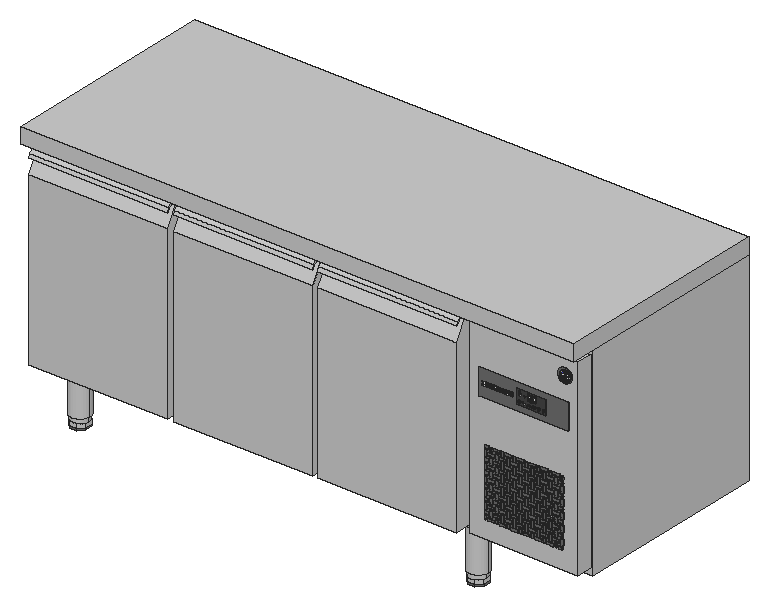
Revit family "QF_HOSHIZAKI_899020840", category Specialty Equipment, Revit 2016 (continued)
Definition of nested family "QF_HOSHIZAKI_ADVANCE_REF-COUNTER-DOORS-DRAWERS"
  Definition of nested family "Left_Door"
    Automatic sketch dimensions
      Extrusion 2 sketch curve to Extrusion 2 sketch curve = 18.812 mm
      Extrusion 2 sketch curve to plane 7 "Front door" = 11 mm
      Extrusion 2 sketch curve to plane 10 = 66.98 mm
      Extrusion 2 sketch curve to plane 10 = 20.008 mm
      Extrusion 2 sketch curve to Extrusion 2 sketch curve = 0.877 mm  (x2)
  Definition of nested family "3_Drawers_1-3"
    Parameters (values of type "3 Drawers 1-3")
      Worktop thickness [instance] = 50 mm
      URL = "www.specifiglobal.com"
      Section size [instance] = 446 mm
      Model = ""
      Manufacturer = "DEMO CONSULTANT"
      Legs height [instance] = 150 mm
      Height Actual [instance] = 850 mm
      Description = ""
      Depth Actual [instance] = 700 mm
      Assembly Code = "E1090320"
      3 Drawers = yes
    Reference planes
      plane 1 "Back": y = 0
      plane 2: z = 0
      plane 3 "Left": x = 0
      plane 4 "Right": x = 446
      plane 5 "Front": y = -700
      plane 6 "Top": z = 850
      plane 7 "Front door": y = -633
      plane 8 "Bottom shelf": z = 150
      plane 9 "Worktop bottom": z = 800
      plane 10: z = 784
      plane 11: z = 170
      plane 12: z = 584
      plane 13: z = 577
      plane 14: z = 370
      plane 15: z = 377
      plane 16: z = 580.5
      plane 17: z = 373.5
      plane 18: z = 166.5
      plane 19: z = 787.5
    Forms (mm)
      Extrusion 1, solid, visible <- "3 Drawers"
        sketch origin (860, -633, 4000) x (-1, 0, 0) y (0, 0, 1)
          loop
            line (852, -3224) -> (422, -3224) -> (422, -3408) -> (852, -3408) -> (852, -3224)
          loop
            line (823, -3253) -> (451, -3253) -> (451, -3379) -> (823, -3379) -> (823, -3253)
        from 0 to -11
      Extrusion 2, solid, visible <- "3 Drawers"
        sketch origin (0, 0, 0) x (0, 1, 0) y (0, 0, 1)
          loop
            line (-644, 784) -> (-675.296, 784)
            arc (-675.296, 784) -> (-683.245, 781.721) -> (-688.778, 775.576) r 15
            line (-688.778, 775.576) -> (-694, 764.869) -> (-692.202, 763.992) -> (-686.981, 774.699)
            arc (-686.981, 774.699) -> (-682.185, 780.025) -> (-675.296, 782) r 13
            line (-675.296, 782) -> (-656.484, 782) -> (-694, 717.02) -> (-694, 584) -> (-644, 584) -> (-644, 784)
        from 0 to 446
      Extrusion 3, solid, visible <- "3 Drawers"
        sketch origin (0, 0, -237.3) x (0, 1, 0) y (0, 0, 1)
          loop
            line (-644, 814.3) -> (-675.296, 814.3)
            arc (-675.296, 814.3) -> (-683.245, 812.021) -> (-688.778, 805.876) r 15
            line (-688.778, 805.876) -> (-694, 795.169) -> (-692.202, 794.292) -> (-686.981, 804.999)
            arc (-686.981, 804.999) -> (-682.185, 810.325) -> (-675.296, 812.3) r 13
            line (-675.296, 812.3) -> (-656.484, 812.3) -> (-694, 747.32) -> (-694, 614.3) -> (-644, 614.3) -> (-644, 814.3)
        from 0 to 446
      Extrusion 4, solid, visible <- "3 Drawers"
        sketch origin (0, 0, -463.333) x (0, 1, 0) y (0, 0, 1)
          loop
            line (-644, 833.333) -> (-675.296, 833.333)
            arc (-675.296, 833.333) -> (-683.245, 831.054) -> (-688.778, 824.909) r 15
            line (-688.778, 824.909) -> (-694, 814.202) -> (-692.202, 813.326) -> (-686.981, 824.032)
            arc (-686.981, 824.032) -> (-682.185, 829.358) -> (-675.296, 831.333) r 13
            line (-675.296, 831.333) -> (-656.484, 831.333) -> (-694, 766.353) -> (-694, 633.333) -> (-644, 633.333) -> (-644, 833.333)
        from 0 to 446
      Extrusion 5, solid, visible <- "3 Drawers"
        sketch origin (860, -633, 3773.7) x (-1, 0, 0) y (0, 0, 1)
          loop
            line (852, -3204.7) -> (422, -3204.7) -> (422, -3388.7) -> (852, -3388.7) -> (852, -3204.7)
          loop
            line (823, -3233.7) -> (451, -3233.7) -> (451, -3359.7) -> (823, -3359.7) -> (823, -3233.7)
        from 0 to -11
      Extrusion 6, solid, visible <- "3 Drawers"
        sketch origin (860, -633, 3547) x (-1, 0, 0) y (0, 0, 1)
          loop
            line (852, -3185) -> (422, -3185) -> (422, -3369) -> (852, -3369) -> (852, -3185)
          loop
            line (823, -3214) -> (451, -3214) -> (451, -3340) -> (823, -3340) -> (823, -3214)
        from 0 to -11
      Extrusion 7, solid, visible <- "3 Drawers", detail levels coarse
        sketch origin (0, -608.657, 584) x (0, 1, 0) y (-1, 0, 0)
          loop
            line (-85.343, 0) -> (-551.343, 0) -> (-551.343, -446) -> (-85.343, -446) -> (-85.343, 0)
        from 0 to 200
      Extrusion 8, solid, visible <- "3 Drawers", detail levels coarse
        sketch origin (0, -503.657, 377) x (0, 1, 0) y (-1, 0, 0)
          loop
            line (-190.343, 0) -> (-656.343, 0) -> (-656.343, -446) -> (-190.343, -446) -> (-190.343, 0)
        from 0 to 200
      Extrusion 9, solid, visible <- "3 Drawers", detail levels coarse
        sketch origin (0, -343.657, 170) x (0, 1, 0) y (-1, 0, 0)
          loop
            line (-350.343, 0) -> (-816.343, 0) -> (-816.343, -446) -> (-350.343, -446) -> (-350.343, 0)
        from 0 to 200
    Lines and regions (mm)
      symbolic lines, visible <- "3 Drawers"
        curve 1: line (0, -808, 850) -> (0, -854, 850)
        curve 2: line (0, -854, 850) -> (446, -854, 850)
        curve 3: line (446, -854, 850) -> (446, -808, 850)
        curve 4: line (446, -808, 850) -> (0, -808, 850)
        curve 5: line (416, -808, 850) -> (416, -700, 850)
        curve 6: line (30, -808, 850) -> (30, -700, 850)
        curve 7: line (0, -961, 850) -> (0, -1007, 850)
        curve 8: line (0, -1007, 850) -> (446, -1007, 850)
        curve 9: line (446, -1007, 850) -> (446, -961, 850)
        curve 10: line (446, -961, 850) -> (0, -961, 850)
        curve 11: line (416, -961, 850) -> (416, -854, 850)
        curve 12: line (30, -961, 850) -> (30, -854, 850)
        curve 13: line (0, -1114, 850) -> (0, -1160, 850)
        curve 14: line (0, -1160, 850) -> (446, -1160, 850)
        curve 15: line (446, -1160, 850) -> (446, -1114, 850)
        curve 16: line (446, -1114, 850) -> (0, -1114, 850)
        curve 17: line (416, -1114, 850) -> (416, -1007, 850)
        curve 18: line (30, -1114, 850) -> (30, -1007, 850)
    Dimensions and locks
      "Section size": plane 3 "Left" to plane 4 "Right"
      "Depth Actual": plane 5 "Front" to plane 1 "Back"
      "Height Actual": plane 6 "Top" to level
      locked: plane 7 "Front door" to plane 5 "Front" at 67
      "Legs height": plane 8 "Bottom shelf" to plane 2
      "Worktop thickness": plane 6 "Top" to plane 9 "Worktop bottom"
      locked: plane 11 to plane 8 "Bottom shelf" at 20
      locked: plane 9 "Worktop bottom" to plane 10 at 16
      locked: plane 12 to plane 13 at 7
      locked: plane 15 to plane 14 at 7
      locked: plane 11 to plane 18 at 3.5
      equal spacing: plane 12, plane 16, plane 13
      equal spacing: plane 15, plane 17, plane 14
      locked: plane 19 to plane 10 at 3.5
      equal spacing: plane 19, plane 16, plane 17, plane 18
      aligned and locked: level to plane 2
      aligned and locked: Extrusion 2 to plane 4 "Right"
      aligned and locked: Extrusion 3 to plane 4 "Right"
      aligned and locked: Extrusion 4 to plane 4 "Right"
      aligned and locked: plane 4 "Right" to Extrusion 7 sketch curve
      aligned and locked: plane 3 "Left" to Extrusion 7 sketch curve
      aligned and locked: Extrusion 7 to plane 10
      aligned and locked: Extrusion 8 to plane 13
      aligned and locked: Extrusion 9 to plane 14
      aligned and locked: plane 10 to Extrusion 2 sketch curve
      aligned and locked: Extrusion 2 sketch curve to plane 12
      aligned and locked: Extrusion 3 sketch curve to plane 15
      aligned and locked: plane 13 to Extrusion 3 sketch curve
    Automatic sketch dimensions
      plane 4 "Right" to Extrusion 1 sketch curve = 8 mm
      plane 4 "Right" to Extrusion 1 sketch curve = 37 mm
      plane 3 "Left" to Extrusion 1 sketch curve = 37 mm
      plane 3 "Left" to Extrusion 1 sketch curve = 8 mm
      plane 12 to Extrusion 1 sketch curve = 8 mm
      plane 12 to Extrusion 1 sketch curve = 37 mm
      Extrusion 1 sketch curve to plane 10 = 37 mm
      Extrusion 1 sketch curve to plane 10 = 8 mm
      plane 4 "Right" to Extrusion 5 sketch curve = 8 mm
      plane 4 "Right" to Extrusion 5 sketch curve = 37 mm
      plane 3 "Left" to Extrusion 5 sketch curve = 37 mm
      plane 3 "Left" to Extrusion 5 sketch curve = 8 mm
      plane 15 to Extrusion 5 sketch curve = 8 mm
      plane 15 to Extrusion 5 sketch curve = 37 mm
      Extrusion 5 sketch curve to plane 13 = 37 mm
      Extrusion 5 sketch curve to plane 13 = 8 mm
      plane 4 "Right" to Extrusion 6 sketch curve = 8 mm
      plane 4 "Right" to Extrusion 6 sketch curve = 37 mm
      plane 3 "Left" to Extrusion 6 sketch curve = 37 mm
      plane 3 "Left" to Extrusion 6 sketch curve = 8 mm
      plane 11 to Extrusion 6 sketch curve = 8 mm
      plane 11 to Extrusion 6 sketch curve = 37 mm
      Extrusion 6 sketch curve to plane 14 = 37 mm
      Extrusion 6 sketch curve to plane 14 = 8 mm
      Extrusion 7 sketch curve to plane 5 "Front" = 460 mm
      plane 5 "Front" to Extrusion 7 sketch curve = 6 mm
      Extrusion 8 sketch curve to plane 3 "Left" = 0 mm
      Extrusion 8 sketch curve to plane 4 "Right" = 0 mm
      Extrusion 8 sketch curve to plane 5 "Front" = 460 mm
      plane 5 "Front" to Extrusion 8 sketch curve = 6 mm
      Extrusion 9 sketch curve to plane 3 "Left" = 0 mm
      Extrusion 9 sketch curve to plane 4 "Right" = 0 mm
      Extrusion 9 sketch curve to plane 5 "Front" = 460 mm
      plane 5 "Front" to Extrusion 9 sketch curve = 6 mm
      curve 13 to plane 3 "Left" = 0 mm
      curve 14 to plane 4 "Right" = 0 mm
      curve 7 to plane 3 "Left" = 0 mm
      curve 8 to plane 4 "Right" = 0 mm
      curve 1 to plane 3 "Left" = 0 mm
      curve 3 to plane 4 "Right" = 0 mm
      curve 6 to plane 5 "Front" = 0 mm
      curve 5 to plane 5 "Front" = 0 mm
      curve 1 to plane 5 "Front" = 108 mm
      curve 2 to curve 3 = 46 mm
      curve 7 to curve 1 = 107 mm
      curve 9 to curve 9 = 46 mm
      curve 16 to curve 7 = 107 mm
      curve 14 to curve 13 = 46 mm
      curve 8 to curve 17 = 30 mm
      curve 9 to curve 11 = 30 mm
      curve 3 to curve 5 = 30 mm
      plane 3 "Left" to curve 6 = 30 mm
      plane 3 "Left" to curve 18 = 30 mm
      plane 3 "Left" to curve 12 = 30 mm
      Extrusion 2 sketch curve to Extrusion 2 sketch curve = 0 mm  (x3)
      plane 5 "Front" to Extrusion 2 sketch curve = 6 mm  (x2)
      Extrusion 2 sketch curve to Extrusion 2 sketch curve = 1.798 mm  (x2)
      Extrusion 2 sketch curve to Extrusion 2 sketch curve = 11.684 mm
      plane 5 "Front" to Extrusion 2 sketch curve = 43.516 mm
      plane 5 "Front" to Extrusion 2 sketch curve = 56 mm
      Extrusion 2 sketch curve to plane 10 = 66.98 mm
      Extrusion 3 sketch curve to Extrusion 3 sketch curve = 0 mm  (x4)
      Extrusion 3 sketch curve to Extrusion 3 sketch curve = 1.798 mm  (x2)
      plane 5 "Front" to Extrusion 3 sketch curve = 11.222 mm
      Extrusion 3 sketch curve to Extrusion 3 sketch curve = 18.812 mm
      Extrusion 3 sketch curve to plane 7 "Front door" = 11 mm
      Extrusion 3 sketch curve to Extrusion 3 sketch curve = 46.972 mm
      Extrusion 4 sketch curve to Extrusion 4 sketch curve = 0 mm  (x2)
      Extrusion 4 sketch curve to plane 11 = 0 mm
      Extrusion 4 sketch curve to plane 14 = 0 mm
      Extrusion 4 sketch curve to plane 7 "Front door" = 61 mm  (x2)
      Extrusion 4 sketch curve to Extrusion 4 sketch curve = 1.798 mm  (x2)
      Extrusion 4 sketch curve to plane 14 = 8.424 mm
      Extrusion 4 sketch curve to Extrusion 4 sketch curve = 5.222 mm
      Extrusion 4 sketch curve to plane 14 = 9.301 mm
      Extrusion 4 sketch curve to plane 7 "Front door" = 42.296 mm
      Extrusion 4 sketch curve to plane 7 "Front door" = 23.484 mm
      Extrusion 4 sketch curve to plane 7 "Front door" = 11 mm
      Extrusion 4 sketch curve to Extrusion 4 sketch curve = 46.972 mm
      plane 5 "Front" to Extrusion 2 sketch curve = 11.222 mm
      plane 5 "Front" to Extrusion 3 sketch curve = 7.798 mm
      plane 5 "Front" to Extrusion 3 sketch curve = 6 mm
      Extrusion 3 sketch curve to Extrusion 3 sketch curve = 11.684 mm
      Extrusion 3 sketch curve to Extrusion 3 sketch curve = 66.98 mm
      Extrusion 3 sketch curve to Extrusion 3 sketch curve = 0.877 mm
      Extrusion 2 sketch curve to plane 10 = 20.008 mm
      Extrusion 2 sketch curve to Extrusion 2 sketch curve = 0.877 mm
  Definition of nested family "2_Drawers_1-2"
    Parameters (values of type "2 Drawers 1-2")
      Worktop thickness [instance] = 50 mm
      URL = "www.specifiglobal.com"
      Section size [instance] = 446 mm
      Model = ""
      Manufacturer = "DEMO CONSULTANT"
      Legs height [instance] = 150 mm
      Height Actual [instance] = 850 mm
      Description = ""
      Depth Actual [instance] = 700 mm
      Assembly Code = "E1090320"
      2 Drawers = yes
    Reference planes
      plane 1 "Back": y = 0
      plane 2: z = 0
      plane 3 "Left": x = 0
      plane 4 "Right": x = 446
      plane 5 "Front": y = -700
      plane 6 "Top": z = 850
      plane 7 "Front door": y = -633
      plane 8 "Bottom shelf": z = 150
      plane 9 "Worktop bottom": z = 800
      plane 10: z = 784
      plane 11: z = 170
      plane 12: z = 481
      plane 13: z = 473
      plane 14: z = 477
      plane 15: z = 792
      plane 16: z = 160
    Forms (mm)
      Extrusion 1, solid, visible <- "2 Drawers"
        sketch origin (860, -633, 4000) x (-1, 0, 0) y (0, 0, 1)
          loop
            line (852, -3224) -> (422, -3224) -> (422, -3511) -> (852, -3511) -> (852, -3224)
          loop
            line (823, -3253) -> (451, -3253) -> (451, -3482) -> (823, -3482) -> (823, -3253)
        from 0 to -11
      Extrusion 2, solid, visible <- "2 Drawers"
        sketch origin (0, 0, 0) x (0, 1, 0) y (0, 0, 1)
          loop
            line (-644, 784) -> (-675.296, 784)
            arc (-675.296, 784) -> (-683.245, 781.721) -> (-688.778, 775.576) r 15
            line (-688.778, 775.576) -> (-694, 764.869) -> (-692.202, 763.992) -> (-686.981, 774.699)
            arc (-686.981, 774.699) -> (-682.185, 780.025) -> (-675.296, 782) r 13
            line (-675.296, 782) -> (-656.484, 782) -> (-694, 717.02) -> (-694, 481) -> (-644, 481) -> (-644, 784)
        from 0 to 446
      Extrusion 3, solid, visible <- "2 Drawers"
        sketch origin (0, 0, -463.333) x (0, 1, 0) y (0, 0, 1)
          loop
            line (-644, 936.333) -> (-675.296, 936.333)
            arc (-675.296, 936.333) -> (-683.245, 934.054) -> (-688.778, 927.909) r 15
            line (-688.778, 927.909) -> (-694, 917.202) -> (-692.202, 916.326) -> (-686.981, 927.032)
            arc (-686.981, 927.032) -> (-682.185, 932.358) -> (-675.296, 934.333) r 13
            line (-675.296, 934.333) -> (-656.484, 934.333) -> (-694, 869.353) -> (-694, 633.333) -> (-644, 633.333) -> (-644, 936.333)
        from 0 to 446
      Extrusion 4, solid, visible <- "2 Drawers"
        sketch origin (860, -633, 3547) x (-1, 0, 0) y (0, 0, 1)
          loop
            line (852, -3082) -> (422, -3082) -> (422, -3369) -> (852, -3369) -> (852, -3082)
          loop
            line (823, -3111) -> (451, -3111) -> (451, -3340) -> (823, -3340) -> (823, -3111)
        from 0 to -11
      Extrusion 5, solid, visible <- "2 Drawers", detail levels coarse
        sketch origin (0, -608.657, 481) x (0, 1, 0) y (-1, 0, 0)
          loop
            line (-85.343, 0) -> (-551.343, 0) -> (-551.343, -446) -> (-85.343, -446) -> (-85.343, 0)
        from 0 to 303
      Extrusion 6, solid, visible <- "2 Drawers", detail levels coarse
        sketch origin (0, -343.657, 170) x (0, 1, 0) y (-1, 0, 0)
          loop
            line (-350.343, 0) -> (-816.343, 0) -> (-816.343, -446) -> (-350.343, -446) -> (-350.343, 0)
        from 0 to 303
    Lines and regions (mm)
      symbolic lines, visible <- "2 Drawers"
        curve 1: line (0, -884, 850) -> (0, -930, 850)
        curve 2: line (0, -930, 850) -> (446, -930, 850)
        curve 3: line (446, -930, 850) -> (446, -884, 850)
        curve 4: line (446, -884, 850) -> (0, -884, 850)
        curve 5: line (416, -884, 850) -> (416, -700, 850)
        curve 6: line (30, -884, 850) -> (30, -700, 850)
        curve 7: line (0, -1114, 850) -> (0, -1160, 850)
        curve 8: line (0, -1160, 850) -> (446, -1160, 850)
        curve 9: line (446, -1160, 850) -> (446, -1114, 850)
        curve 10: line (446, -1114, 850) -> (0, -1114, 850)
        curve 11: line (416, -1114, 850) -> (416, -930, 850)
        curve 12: line (30, -1114, 850) -> (30, -930, 850)
    Dimensions and locks
      "Section size": plane 3 "Left" to plane 4 "Right"
      "Depth Actual": plane 5 "Front" to plane 1 "Back"
      "Height Actual": plane 6 "Top" to level
      locked: plane 7 "Front door" to plane 5 "Front" at 67
      "Legs height": plane 8 "Bottom shelf" to plane 2
      "Worktop thickness": plane 6 "Top" to plane 9 "Worktop bottom"
      locked: plane 11 to plane 8 "Bottom shelf" at 20
      locked: plane 9 "Worktop bottom" to plane 10 at 16
      equal spacing: plane 9 "Worktop bottom", plane 15, plane 10
      equal spacing: plane 11, plane 16, plane 8 "Bottom shelf"
      plane 12 to plane 13 = 8 mm
      equal spacing: plane 12, plane 14, plane 13
      equal spacing: plane 10, plane 14, plane 11
      aligned and locked: level to plane 2
      aligned and locked: Extrusion 2 to plane 4 "Right"
      aligned and locked: Extrusion 3 to plane 4 "Right"
      aligned and locked: plane 4 "Right" to Extrusion 5 sketch curve
      aligned and locked: plane 3 "Left" to Extrusion 5 sketch curve
      aligned and locked: Extrusion 5 to plane 10
      aligned and locked: Extrusion 6 to plane 13
      aligned and locked: Extrusion 2 sketch curve to plane 12
      aligned and locked: plane 10 to Extrusion 2 sketch curve
      aligned and locked: Extrusion 3 sketch curve to plane 11
      aligned and locked: plane 13 to Extrusion 3 sketch curve
    Automatic sketch dimensions
      plane 4 "Right" to Extrusion 1 sketch curve = 8 mm
      plane 4 "Right" to Extrusion 1 sketch curve = 37 mm
      plane 3 "Left" to Extrusion 1 sketch curve = 37 mm
      plane 3 "Left" to Extrusion 1 sketch curve = 8 mm
      plane 12 to Extrusion 1 sketch curve = 8 mm
      plane 12 to Extrusion 1 sketch curve = 37 mm
      Extrusion 1 sketch curve to plane 10 = 37 mm
      Extrusion 1 sketch curve to plane 10 = 8 mm
      plane 4 "Right" to Extrusion 4 sketch curve = 8 mm
      plane 4 "Right" to Extrusion 4 sketch curve = 37 mm
      plane 3 "Left" to Extrusion 4 sketch curve = 37 mm
      plane 3 "Left" to Extrusion 4 sketch curve = 8 mm
      plane 11 to Extrusion 4 sketch curve = 8 mm
      plane 11 to Extrusion 4 sketch curve = 37 mm
      Extrusion 4 sketch curve to plane 13 = 37 mm
      Extrusion 4 sketch curve to plane 13 = 8 mm
      Extrusion 5 sketch curve to plane 5 "Front" = 460 mm
      plane 5 "Front" to Extrusion 5 sketch curve = 6 mm
      Extrusion 6 sketch curve to plane 3 "Left" = 0 mm
      Extrusion 6 sketch curve to plane 4 "Right" = 0 mm
      Extrusion 6 sketch curve to plane 5 "Front" = 460 mm
      plane 5 "Front" to Extrusion 6 sketch curve = 6 mm
      curve 8 to plane 3 "Left" = 0 mm
      curve 8 to plane 4 "Right" = 0 mm
      curve 3 to plane 4 "Right" = 0 mm
      curve 1 to plane 3 "Left" = 0 mm
      curve 5 to plane 5 "Front" = 0 mm
      curve 6 to plane 5 "Front" = 0 mm
      curve 4 to plane 5 "Front" = 184 mm
      curve 2 to curve 1 = 46 mm
      curve 7 to curve 1 = 184 mm
      curve 9 to curve 9 = 46 mm
      plane 4 "Right" to curve 5 = 30 mm
      plane 4 "Right" to curve 11 = 30 mm
      plane 3 "Left" to curve 12 = 30 mm
      plane 3 "Left" to curve 6 = 30 mm
      Extrusion 2 sketch curve to Extrusion 2 sketch curve = 0 mm  (x2)
      plane 5 "Front" to Extrusion 2 sketch curve = 6 mm  (x2)
      Extrusion 2 sketch curve to Extrusion 2 sketch curve = 1.798 mm  (x2)
      Extrusion 2 sketch curve to Extrusion 2 sketch curve = 5.222 mm
      plane 5 "Front" to Extrusion 2 sketch curve = 24.704 mm
      plane 5 "Front" to Extrusion 2 sketch curve = 43.516 mm
      plane 5 "Front" to Extrusion 2 sketch curve = 56 mm
      Extrusion 2 sketch curve to Extrusion 2 sketch curve = 46.972 mm
      Extrusion 2 sketch curve to Extrusion 2 sketch curve = 0.877 mm
      Extrusion 2 sketch curve to Extrusion 2 sketch curve = 5.699 mm
      plane 5 "Front" to Extrusion 3 sketch curve = 6 mm  (x2)
      Extrusion 3 sketch curve to Extrusion 3 sketch curve = 1.798 mm  (x2)
      Extrusion 3 sketch curve to Extrusion 3 sketch curve = 5.222 mm
      Extrusion 3 sketch curve to Extrusion 3 sketch curve = 11.684 mm
      plane 5 "Front" to Extrusion 3 sketch curve = 43.516 mm
      plane 5 "Front" to Extrusion 3 sketch curve = 56 mm
      Extrusion 3 sketch curve to Extrusion 3 sketch curve = 46.972 mm
      Extrusion 3 sketch curve to Extrusion 3 sketch curve = 0 mm  (x2)
      Extrusion 3 sketch curve to Extrusion 3 sketch curve = 5.699 mm
      Extrusion 3 sketch curve to Extrusion 3 sketch curve = 0.877 mm
  Definition of nested family "3_Drawers_1-3_2-3"
    Parameters (values of type "2 Drawers 1-3 and 2-3")
      Worktop thickness [instance] = 40 mm
      URL = "www.specifiglobal.com"
      Section size [instance] = 421 mm
      Model = ""
      Manufacturer = "DEMO CONSULTANT"
      Legs height [instance] = 150 mm
      Height Actual [instance] = 900 mm
      Description = ""
      Depth Actual [instance] = 700 mm
      Assembly Code = "E1090320"
      2 Drawers 1-3 and 2-3 = yes
    Reference planes
      plane 1 "Back": y = 0
      plane 2: z = 0
      plane 3 "Left": x = 0
      plane 4 "Right": x = 421
      plane 5 "Front": y = -700
      plane 6 "Top": z = 900
      plane 7 "Front door": y = -633
      plane 8 "Bottom shelf": z = 150
      plane 9 "Worktop bottom": z = 860
      plane 10: z = 841
      plane 11: z = 186
      plane 12: z = 627
      plane 13: z = 620
      plane 14: z = 623.5
      plane 15: z = 850.5
      plane 16: z = 168
    Forms (mm)
      Extrusion 1, solid, visible <- "2 Drawers 1-3 and 2-3"
        sketch origin (860, -633, 4000) x (-1, 0, 0) y (0, 0, 1)
          loop
            line (852, -3167) -> (447, -3167) -> (447, -3365) -> (852, -3365) -> (852, -3167)
          loop
            line (823, -3196) -> (476, -3196) -> (476, -3336) -> (823, -3336) -> (823, -3196)
        from 0 to -11
      Extrusion 2, solid, visible <- "2 Drawers 1-3 and 2-3"
        sketch origin (0, 0, 0) x (0, 1, 0) y (0, 0, 1)
          loop
            line (-644, 841) -> (-675.296, 841)
            arc (-675.296, 841) -> (-683.245, 838.721) -> (-688.778, 832.576) r 15
            line (-688.778, 832.576) -> (-694, 821.869) -> (-692.202, 820.992) -> (-686.981, 831.699)
            arc (-686.981, 831.699) -> (-682.185, 837.025) -> (-675.296, 839) r 13
            line (-675.296, 839) -> (-656.484, 839) -> (-694, 774.02) -> (-694, 627) -> (-644, 627) -> (-644, 841)
        from 0 to 421
      Extrusion 3, solid, visible <- "2 Drawers 1-3 and 2-3"
        sketch origin (0, 0, -463.333) x (0, 1, 0) y (0, 0, 1)
          loop
            line (-644, 1083.333) -> (-675.296, 1083.333)
            arc (-675.296, 1083.333) -> (-683.245, 1081.054) -> (-688.778, 1074.909) r 15
            line (-688.778, 1074.909) -> (-694, 1064.202) -> (-692.202, 1063.326) -> (-686.981, 1074.032)
            arc (-686.981, 1074.032) -> (-682.185, 1079.358) -> (-675.296, 1081.333) r 13
            line (-675.296, 1081.333) -> (-656.484, 1081.333) -> (-694, 1016.353) -> (-694, 649.333) -> (-644, 649.333) -> (-644, 1083.333)
        from 0 to 421
      Extrusion 4, solid, visible <- "2 Drawers 1-3 and 2-3"
        sketch origin (860, -633, 3547) x (-1, 0, 0) y (0, 0, 1)
          loop
            line (852, -2935) -> (447, -2935) -> (447, -3353) -> (852, -3353) -> (852, -2935)
          loop
            line (823, -2964) -> (476, -2964) -> (476, -3324) -> (823, -3324) -> (823, -2964)
        from 0 to -11
      Extrusion 5, solid, visible <- "2 Drawers 1-3 and 2-3", detail levels coarse
        sketch origin (0, -608.657, 627) x (0, 1, 0) y (-1, 0, 0)
          loop
            line (-85.343, 0) -> (-551.343, 0) -> (-551.343, -421) -> (-85.343, -421) -> (-85.343, 0)
        from 0 to 214
      Extrusion 6, solid, visible <- "2 Drawers 1-3 and 2-3", detail levels coarse
        sketch origin (0, -343.657, 186) x (0, 1, 0) y (-1, 0, 0)
          loop
            line (-350.343, 0) -> (-816.343, 0) -> (-816.343, -421) -> (-350.343, -421) -> (-350.343, 0)
        from 0 to 434
    Lines and regions (mm)
      symbolic lines, visible <- "2 Drawers 1-3 and 2-3"
        curve 1: line (0, -804, 900) -> (0, -850, 900)
        curve 2: line (0, -850, 900) -> (421, -850, 900)
        curve 3: line (421, -850, 900) -> (421, -804, 900)
        curve 4: line (421, -804, 900) -> (0, -804, 900)
        curve 5: line (391, -804, 900) -> (391, -700, 900)
        curve 6: line (30, -804, 900) -> (30, -700, 900)
        curve 7: line (0, -1114, 900) -> (0, -1160, 900)
        curve 8: line (0, -1160, 900) -> (421, -1160, 900)
        curve 9: line (421, -1160, 900) -> (421, -1114, 900)
        curve 10: line (421, -1114, 900) -> (0, -1114, 900)
        curve 11: line (391, -1114, 900) -> (391, -850, 900)
        curve 12: line (30, -1114, 900) -> (30, -850, 900)
    Dimensions and locks
      "Section size": plane 3 "Left" to plane 4 "Right"
      "Depth Actual": plane 5 "Front" to plane 1 "Back"
      "Height Actual": plane 6 "Top" to level
      locked: plane 7 "Front door" to plane 5 "Front" at 67
      "Legs height": plane 8 "Bottom shelf" to plane 2
      "Worktop thickness": plane 6 "Top" to plane 9 "Worktop bottom"
      locked: plane 11 to plane 8 "Bottom shelf" at 36
      locked: plane 9 "Worktop bottom" to plane 10 at 19
      locked: plane 12 to plane 13 at 7
      equal spacing: plane 9 "Worktop bottom", plane 15, plane 10
      equal spacing: plane 11, plane 16, plane 8 "Bottom shelf"
      locked: Extrusion 4 sketch curve to plane 13 at 37
      locked: Extrusion 4 sketch curve to plane 13 at 8
      equal spacing: plane 12, plane 14, plane 13
      locked: plane 10 to plane 12 at 214
      aligned and locked: level to plane 2
      aligned and locked: Extrusion 2 to plane 4 "Right"
      aligned and locked: Extrusion 3 to plane 4 "Right"
      aligned and locked: plane 4 "Right" to Extrusion 5 sketch curve
      aligned and locked: plane 3 "Left" to Extrusion 5 sketch curve
      aligned and locked: Extrusion 5 to plane 10
      aligned and locked: Extrusion 6 to plane 13
      aligned and locked: plane 10 to Extrusion 2 sketch curve
      aligned and locked: Extrusion 2 sketch curve to plane 12
      aligned and locked: Extrusion 3 sketch curve to plane 11
      aligned and locked: plane 13 to Extrusion 3 sketch curve
    Automatic sketch dimensions
      plane 4 "Right" to Extrusion 1 sketch curve = 8 mm
      plane 4 "Right" to Extrusion 1 sketch curve = 37 mm
      plane 3 "Left" to Extrusion 1 sketch curve = 37 mm
      plane 3 "Left" to Extrusion 1 sketch curve = 8 mm
      plane 12 to Extrusion 1 sketch curve = 8 mm
      plane 12 to Extrusion 1 sketch curve = 37 mm
      Extrusion 1 sketch curve to plane 10 = 37 mm
      Extrusion 1 sketch curve to plane 10 = 8 mm
      plane 4 "Right" to Extrusion 4 sketch curve = 8 mm
      plane 4 "Right" to Extrusion 4 sketch curve = 37 mm
      plane 3 "Left" to Extrusion 4 sketch curve = 37 mm
      plane 3 "Left" to Extrusion 4 sketch curve = 8 mm
      plane 11 to Extrusion 4 sketch curve = 8 mm
      plane 11 to Extrusion 4 sketch curve = 37 mm
      Extrusion 5 sketch curve to plane 5 "Front" = 460 mm
      plane 5 "Front" to Extrusion 5 sketch curve = 6 mm
      Extrusion 6 sketch curve to plane 3 "Left" = 0 mm
      Extrusion 6 sketch curve to plane 4 "Right" = 0 mm
      Extrusion 6 sketch curve to plane 5 "Front" = 460 mm
      plane 5 "Front" to Extrusion 6 sketch curve = 6 mm
      curve 8 to plane 3 "Left" = 0 mm
      curve 8 to plane 4 "Right" = 0 mm
      curve 3 to plane 4 "Right" = 0 mm
      curve 1 to plane 3 "Left" = 0 mm
      curve 5 to plane 5 "Front" = 0 mm
      curve 6 to plane 5 "Front" = 0 mm
      curve 4 to plane 5 "Front" = 104 mm
      curve 2 to curve 1 = 46 mm
      curve 7 to curve 1 = 264 mm
      curve 9 to curve 9 = 46 mm
      curve 3 to curve 5 = 30 mm
      plane 4 "Right" to curve 11 = 30 mm
      plane 3 "Left" to curve 12 = 30 mm
      plane 3 "Left" to curve 6 = 30 mm
      Extrusion 2 sketch curve to Extrusion 2 sketch curve = 0 mm  (x2)
      Extrusion 2 sketch curve to plane 7 "Front door" = 61 mm  (x2)
      Extrusion 2 sketch curve to Extrusion 2 sketch curve = 1.798 mm  (x2)
      Extrusion 2 sketch curve to Extrusion 2 sketch curve = 5.222 mm
      Extrusion 2 sketch curve to Extrusion 2 sketch curve = 11.684 mm
      Extrusion 2 sketch curve to Extrusion 2 sketch curve = 18.812 mm
      Extrusion 2 sketch curve to Extrusion 2 sketch curve = 50 mm
      Extrusion 2 sketch curve to Extrusion 2 sketch curve = 46.972 mm
      Extrusion 2 sketch curve to Extrusion 2 sketch curve = 0.877 mm
      Extrusion 2 sketch curve to Extrusion 2 sketch curve = 5.699 mm
      Extrusion 3 sketch curve to Extrusion 3 sketch curve = 0 mm  (x2)
      plane 5 "Front" to Extrusion 3 sketch curve = 6 mm  (x2)
      Extrusion 3 sketch curve to Extrusion 3 sketch curve = 1.798 mm  (x2)
      plane 5 "Front" to Extrusion 3 sketch curve = 11.222 mm
      Extrusion 3 sketch curve to Extrusion 3 sketch curve = 11.684 mm
      Extrusion 3 sketch curve to Extrusion 3 sketch curve = 18.812 mm
      Extrusion 3 sketch curve to plane 7 "Front door" = 11 mm
      Extrusion 3 sketch curve to Extrusion 3 sketch curve = 57.679 mm
      Extrusion 3 sketch curve to Extrusion 3 sketch curve = 10.706 mm
      Extrusion 3 sketch curve to Extrusion 3 sketch curve = 5.699 mm
  Definition of nested family "Right_Glass_Door"
    Parameters (values of type "Right glass door")
      Worktop thickness [instance] = 40 mm
      URL = "www.specifiglobal.com"
      Section size [instance] = 421 mm
      Right hand hinged glass door = yes
      Model = ""
      Manufacturer = "DEMO CONSULTANT"
      Legs height [instance] = 150 mm
      Height Actual [instance] = 900 mm
      Description = ""
      Depth Actual [instance] = 700 mm
      Assembly Code = "E1090320"
    Reference planes
      plane 1 "Back": y = 0
      plane 2: z = 0
      plane 3 "Left": x = 0
      plane 4 "Right": x = 421
      plane 5 "Front": y = -700
      plane 6 "Top": z = 900
      plane 7 "Front door": y = -633
      plane 8 "Bottom shelf": z = 150
      plane 9 "Worktop bottom": z = 860
      plane 10: z = 841
      plane 11: z = 186
    Forms (mm)
      Extrusion 1, solid, visible <- "Right hand hinged glass door", detail levels coarse
        sketch origin (0, -608.657, 186) x (0, 1, 0) y (-1, 0, 0)
          loop
            arc (-85.343, 0) -> (-383.035, -123.308) -> (-506.343, -421) r 421
            line (-506.343, -421) -> (-85.343, -421) -> (-85.343, 0)
        from 0 to 655
      Extrusion 2, solid, visible <- "Right hand hinged glass door"
        sketch origin (860, -633, 4000) x (-1, 0, 0) y (0, 0, 1)
          loop
            line (852, -3167) -> (447, -3167) -> (447, -3806) -> (852, -3806) -> (852, -3167)
          loop
            line (823, -3196) -> (476, -3196) -> (476, -3777) -> (823, -3777) -> (823, -3196)
        from 0 to -11
      Extrusion 3, solid, visible <- "Right hand hinged glass door"
        sketch origin (0, -633, 0) x (-1, 0, 0) y (0, 0, 1)
          loop
            line (0, 841) -> (-421, 841) -> (-421, 186) -> (0, 186) -> (0, 841)
          loop
            line (-50, 791) -> (-371, 791) -> (-371, 236) -> (-50, 236) -> (-50, 791)
        from -11 to -61
      Extrusion 4, solid, visible <- "Right hand hinged glass door"
        sketch origin (0, -633, 0) x (-1, 0, 0) y (0, 0, 1)
          loop
            line (-50, 791) -> (-371, 791) -> (-371, 236) -> (-50, 236) -> (-50, 791)
        from -51 to -61
    Lines and regions (mm)
      symbolic lines, visible <- "Right hand hinged glass door"
        curve 1: line (421, -700, 900) -> (421, -1115, 900)
        curve 2: arc (0.043, -700, 900) -> (125.437, -993.806, 900) -> (421, -1115, 900) r 421
    Dimensions and locks
      "Section size": plane 3 "Left" to plane 4 "Right"
      "Depth Actual": plane 5 "Front" to plane 1 "Back"
      "Height Actual": plane 6 "Top" to level
      locked: plane 7 "Front door" to plane 5 "Front" at 67
      "Legs height": plane 8 "Bottom shelf" to plane 2
      "Worktop thickness": plane 6 "Top" to plane 9 "Worktop bottom"
      locked: plane 11 to plane 8 "Bottom shelf" at 36
      locked: plane 9 "Worktop bottom" to plane 10 at 19
      locked: plane 11 to Extrusion 4 sketch curve at 50
      locked: Extrusion 4 sketch curve to plane 3 "Left" at 50
      locked: Extrusion 4 sketch curve to plane 10 at 50
      locked: plane 4 "Right" to Extrusion 4 sketch curve at 50
      aligned and locked: level to plane 2
      aligned and locked: Extrusion 1 to plane 10
      aligned and locked: Extrusion 3 sketch curve to Extrusion 1  (x2)
      aligned and locked: curve 2 to Extrusion 1
    Automatic sketch dimensions
      plane 4 "Right" to Extrusion 2 sketch curve = 8 mm
      plane 4 "Right" to Extrusion 2 sketch curve = 37 mm
      plane 3 "Left" to Extrusion 2 sketch curve = 37 mm
      plane 3 "Left" to Extrusion 2 sketch curve = 8 mm
      plane 11 to Extrusion 2 sketch curve = 8 mm
      plane 11 to Extrusion 2 sketch curve = 37 mm
      Extrusion 2 sketch curve to plane 10 = 37 mm
      Extrusion 2 sketch curve to plane 10 = 8 mm
      plane 4 "Right" to Extrusion 3 sketch curve = 50 mm
      plane 3 "Left" to Extrusion 3 sketch curve = 50 mm
      plane 11 to Extrusion 3 sketch curve = 50 mm
      Extrusion 3 sketch curve to plane 10 = 50 mm
      Extrusion 1 sketch curve to plane 4 "Right" = 0 mm
      Extrusion 1 sketch curve to plane 3 "Left" = 0 mm
      plane 5 "Front" to Extrusion 1 sketch curve = 6 mm
      plane 4 "Right" to Extrusion 3 sketch curve = 0 mm
      Extrusion 3 sketch curve to plane 3 "Left" = 0 mm
      curve 1 to plane 5 "Front" = 0 mm
      curve 2 to plane 5 "Front" = 0 mm
  Definition of nested family "Left_Glass_Door"
    Parameters (values of type "Left glass door")
      Worktop thickness [instance] = 40 mm
      URL = "www.specifiglobal.com"
      Section size [instance] = 421 mm
      Model = ""
      Manufacturer = "DEMO CONSULTANT"
      Legs height [instance] = 150 mm
      Left hand hinged glass door = yes
      Height Actual [instance] = 900 mm
      Description = ""
      Depth Actual [instance] = 700 mm
      Assembly Code = "E1090320"
    Reference planes
      plane 1 "Back": y = 0
      plane 2: z = 0
      plane 3 "Left": x = 0
      plane 4 "Right": x = 421
      plane 5 "Front": y = -700
      plane 6 "Top": z = 900
      plane 7 "Front door": y = -633
      plane 8 "Bottom shelf": z = 150
      plane 9 "Worktop bottom": z = 860
      plane 10: z = 841
      plane 11: z = 186
    Forms (mm)
      Extrusion 1, solid, visible <- "Left hand hinged glass door"
        sketch origin (860, -633, 4000) x (-1, 0, 0) y (0, 0, 1)
          loop
            line (852, -3167) -> (447, -3167) -> (447, -3806) -> (852, -3806) -> (852, -3167)
          loop
            line (823, -3196) -> (476, -3196) -> (476, -3777) -> (823, -3777) -> (823, -3196)
        from 0 to -11
      Extrusion 2, solid, visible <- "Left hand hinged glass door"
        sketch origin (0, -633, 0) x (-1, 0, 0) y (0, 0, 1)
          loop
            line (0, 841) -> (-421, 841) -> (-421, 186) -> (0, 186) -> (0, 841)
          loop
            line (-50, 791) -> (-371, 791) -> (-371, 236) -> (-50, 236) -> (-50, 791)
        from -11 to -61
      Extrusion 3, solid, visible <- "Left hand hinged glass door"
        sketch origin (0, -633, 0) x (-1, 0, 0) y (0, 0, 1)
          loop
            line (-50, 791) -> (-371, 791) -> (-371, 236) -> (-50, 236) -> (-50, 791)
        from -51 to -61
      Extrusion 4, solid, visible <- "Left hand hinged glass door", detail levels coarse
        sketch origin (0, -608.657, 186) x (0, 1, 0) y (-1, 0, 0)
          loop
            line (-85.343, 0) -> (-506.343, 0)
            arc (-506.343, 0) -> (-383.035, -297.692) -> (-85.343, -421) r 421
            line (-85.343, -421) -> (-85.343, 0)
        from 0 to 655
    Lines and regions (mm)
      symbolic lines, visible <- "Left hand hinged glass door"
        curve 1: line (0, -700, 900) -> (0, -1115, 900)
        curve 2: arc (0, -1115, 900) -> (295.563, -993.806, 900) -> (420.957, -700, 900) r 421
    Dimensions and locks
      "Section size": plane 3 "Left" to plane 4 "Right"
      "Depth Actual": plane 5 "Front" to plane 1 "Back"
      "Height Actual": plane 6 "Top" to level
      locked: plane 7 "Front door" to plane 5 "Front" at 67
      "Legs height": plane 8 "Bottom shelf" to plane 2
      "Worktop thickness": plane 6 "Top" to plane 9 "Worktop bottom"
      locked: plane 11 to plane 8 "Bottom shelf" at 36
      locked: plane 9 "Worktop bottom" to plane 10 at 19
      aligned and locked: level to plane 2
      aligned and locked: Extrusion 4 to plane 10
      aligned and locked: Extrusion 4 to curve 1
      aligned and locked: curve 2 to Extrusion 4
    Automatic sketch dimensions
      plane 4 "Right" to Extrusion 1 sketch curve = 8 mm
      plane 4 "Right" to Extrusion 1 sketch curve = 37 mm
      plane 3 "Left" to Extrusion 1 sketch curve = 37 mm
      plane 3 "Left" to Extrusion 1 sketch curve = 8 mm
      plane 11 to Extrusion 1 sketch curve = 8 mm
      plane 11 to Extrusion 1 sketch curve = 37 mm
      Extrusion 1 sketch curve to plane 10 = 37 mm
      Extrusion 1 sketch curve to plane 10 = 8 mm
      plane 4 "Right" to Extrusion 2 sketch curve = 0 mm
      Extrusion 2 sketch curve to plane 3 "Left" = 0 mm
      Extrusion 2 sketch curve to plane 11 = 0 mm
      Extrusion 2 sketch curve to plane 10 = 0 mm
      plane 4 "Right" to Extrusion 2 sketch curve = 50 mm
      plane 3 "Left" to Extrusion 2 sketch curve = 50 mm
      plane 11 to Extrusion 2 sketch curve = 50 mm
      Extrusion 2 sketch curve to plane 10 = 50 mm
      plane 4 "Right" to Extrusion 3 sketch curve = 50 mm
      plane 3 "Left" to Extrusion 3 sketch curve = 50 mm
      plane 11 to Extrusion 3 sketch curve = 50 mm
      Extrusion 3 sketch curve to plane 10 = 50 mm
      Extrusion 4 sketch curve to plane 3 "Left" = 0 mm
      Extrusion 4 sketch curve to plane 4 "Right" = 0 mm
      plane 5 "Front" to Extrusion 4 sketch curve = 6 mm
      curve 1 to plane 5 "Front" = 0 mm
      curve 2 to plane 5 "Front" = 0 mm
Definition of nested family "QF_HOSHIZAKI_ADVANCE_REF-COUNTER-LEGS"
  Parameters (values of type "760660117-3")
    Weight [instance] = 0.00 kg
    URL Cutsheet [instance] = ""
    URL = "www.hoshizaki-europe.com"
    Status [instance] = ""
    Specification by User [instance] = ""
    Specification by Manufacturer [instance] = ""
    Serial Number [instance] = ""
    Seismic Rating [instance] = ""
    SMACNA No [instance] = ""
    Revision Code [instance] = ""
    NAFEM Spec ID Number [instance] = ""
    Model = "L1"
    Masterspec [instance] = ""
    Manufacturer = "HOSHIZAKI"
    Length Actual [instance] = 1780 mm
    Legs visibility = yes
    Legs inset right [instance] = 430 mm
    Legs inset rear [instance] = 70 mm
    Legs inset left [instance] = 70 mm
    Legs inset front [instance] = 153 mm
    Item Number [instance] = ""
    Installed By [instance] = ""
    Identify Quantity as Lot [instance] = no
    Height Actual [instance] = 200 mm
    Furnished By [instance] = ""
    Foodservice Equipment Identifier [instance] = no
    Description = "SET OF LEGS 135-200MM FOR ADVANCE COUNTER - 3 SECTIONS"
    Depth Actual [instance] = 700 mm
    Cost = 0
    Central Legs [instance] = if(Length Actual > 2300 mm, 2 > 1, 2 < 1)  # no
    CSI MasterFormat [instance] = ""
    Assembly Code = "E1090320"
    Accessory [instance] = yes
  Reference planes
    plane 1 "Back": y = 0
    plane 2: z = 0
    plane 3 "Left": x = 0
    plane 4 "Right": x = 1780
    plane 5 "Front": y = -700
    plane 6 "Top": z = 200
    plane 7 "Left offset": x = 70
    plane 8 "Right offset": x = 1350
    plane 9 "Rear offset": y = -70
    plane 10 "Front offset": y = -547
    plane 11 "Central": x = 710
  Dimensions and locks
    "Length Actual": plane 3 "Left" to plane 4 "Right"
    "Depth Actual": plane 5 "Front" to plane 1 "Back"
    "Legs inset left": plane 3 "Left" to plane 7 "Left offset"
    "Legs inset right": plane 8 "Right offset" to plane 4 "Right"
    "Legs inset rear": plane 9 "Rear offset" to plane 1 "Back"
    "Legs inset front": plane 10 "Front offset" to plane 5 "Front"
    "Height Actual": plane 6 "Top" to plane 2
    equal spacing: plane 7 "Left offset", plane 11 "Central", plane 8 "Right offset"
    aligned and locked: level to plane 2
    aligned and locked: nested 1 to plane 9 "Rear offset"
    aligned and locked: nested 2 to plane 9 "Rear offset"
    aligned and locked: nested 1 to plane 7 "Left offset"
    aligned and locked: nested 2 to plane 8 "Right offset"
    aligned and locked: nested 3 to plane 10 "Front offset"
    aligned and locked: nested 4 to plane 10 "Front offset"
    aligned and locked: nested 3 to plane 7 "Left offset"
    aligned and locked: nested 4 to plane 8 "Right offset"
    aligned and locked: nested 6 to plane 11 "Central"
    aligned and locked: nested 5 to plane 11 "Central"
    aligned and locked: nested 5 to plane 9 "Rear offset"
    aligned and locked: nested 6 to plane 10 "Front offset"
  Nested families
    nested 1: "LEGS" at (70, -70, 0), visible <- "Legs visibility", type "LEG"
      with Legs height 200 mm
    nested 2: "LEGS" at (1350, -70, 0), visible <- "Legs visibility", type "LEG"
      with Legs height 200 mm
    nested 3: "LEGS" at (70, -547, 0), visible <- "Legs visibility", type "LEG"
      with Legs height 200 mm
    nested 4: "LEGS" at (1350, -547, 0), visible <- "Legs visibility", type "LEG"
      with Legs height 200 mm
    nested 5: "LEGS" at (710, -70, 0), visible <- "Central Legs", type "LEG"
      with Legs height 200 mm
    nested 6: "LEGS" at (710, -547, 0), visible <- "Central Legs", type "LEG"
      with Legs height 200 mm
  Definition of nested family "LEGS"
    Parameters (values of type "LEG")
      Legs visibility = yes
      Legs height = 150 mm
    Reference planes
      plane 1 "Center (Front/Back)": y = 0
      plane 2: z = 0
      plane 3 "Center (Left/Right)": x = 0
      plane 4 "Top": z = 150
    Forms (mm)
      Extrusion 1, solid, visible <- "Legs visibility"
        sketch origin (0, 0, 150) x (0, 1, 0) y (-1, 0, 0)
          loop
            line (40, 40) -> (-40, 40) -> (-40, -40) -> (40, -40) -> (40, 40)
        from 0 to -3
      Extrusion 2, solid, visible <- "Legs visibility"
        sketch origin (-199.986, 580, 0) x (1, 0, 0) y (0, 1, 0)
          loop
            circle (199.986, -580) r 28
        from 17.959 to 35
      Extrusion 3, solid, visible <- "Legs visibility"
        sketch origin (-199.986, 580, 0) x (1, 0, 0) y (0, 1, 0)
          loop
            line (171.486, -591.805) -> (188.181, -608.5) -> (211.791, -608.5) -> (228.486, -591.805) -> (228.486, -568.195) -> (211.791, -551.5) -> (188.181, -551.5) -> (171.486, -568.195) -> (171.486, -591.805)
        from 0 to 5
      Sweep 4, solid, visible <- "Legs visibility"
        path origin (0, 0, 0) x (0, 1, 0) y (0, 0, 1)
          loop
            line (0, 147) -> (0, 35)
        profile origin (0, 0, 91) x (1, 0, 0) y (0, 1, 0)
          loop
            circle (0, 0) r 32
      Extrusion 5, solid, visible <- "Legs visibility"
        sketch origin (-199.986, 580, 0) x (1, 0, 0) y (0, 1, 0)
          loop
            line (188.388, -552) -> (171.986, -568.402) -> (171.986, -591.598) -> (188.388, -608) -> (211.584, -608) -> (227.986, -591.598) -> (227.986, -568.402) -> (211.584, -552) -> (188.388, -552)
        from 5 to 17.959
    Dimensions and locks
      "Legs height": plane 4 "Top" to plane 2
      aligned and locked: level to plane 2
    Automatic sketch dimensions
      plane 1 "Center (Front/Back)" to Extrusion 1 sketch curve = 40 mm
      Extrusion 1 sketch curve to plane 1 "Center (Front/Back)" = 40 mm
      plane 3 "Center (Left/Right)" to Extrusion 1 sketch curve = 40 mm
      Extrusion 1 sketch curve to plane 3 "Center (Left/Right)" = 40 mm
      plane 1 "Center (Front/Back)" to Extrusion 2 sketch curve = 0 mm
      Extrusion 2 sketch curve to plane 3 "Center (Left/Right)" = 0 mm
      plane 1 "Center (Front/Back)" to Extrusion 3 sketch curve = 11.805 mm  (x2)
      Extrusion 3 sketch curve to plane 3 "Center (Left/Right)" = 28.5 mm
      Extrusion 3 sketch curve to plane 3 "Center (Left/Right)" = 11.805 mm  (x2)
      plane 3 "Center (Left/Right)" to Extrusion 3 sketch curve = 11.805 mm  (x2)
      Extrusion 3 sketch curve to Extrusion 3 sketch curve = 16.695 mm  (x3)
      Extrusion 3 sketch curve to plane 1 "Center (Front/Back)" = 11.805 mm  (x2)
      Sweep 4 sketch curve to plane 1 "Center (Front/Back)" = 0 mm
      level to Sweep 4 sketch curve = 35 mm
      Sweep 4 sketch curve to plane 4 "Top" = 3 mm
      Sweep 4 sketch curve to plane 3 "Center (Left/Right)" = 0 mm
      profile plane to Sweep 4 sketch curve = 0 mm
      Extrusion 5 sketch curve to plane 3 "Center (Left/Right)" = 11.598 mm  (x2)
      plane 1 "Center (Front/Back)" to Extrusion 5 sketch curve = 11.598 mm  (x2)
      Extrusion 5 sketch curve to Extrusion 5 sketch curve = 16.402 mm  (x3)
      plane 3 "Center (Left/Right)" to Extrusion 5 sketch curve = 11.598 mm  (x2)
      Extrusion 5 sketch curve to plane 1 "Center (Front/Back)" = 11.598 mm  (x2)
      plane 1 "Center (Front/Back)" to Extrusion 5 sketch curve = 28 mm
      radius of Extrusion 2 sketch curve = 28 mm
      radius of Sweep 4 sketch curve = 32 mm
